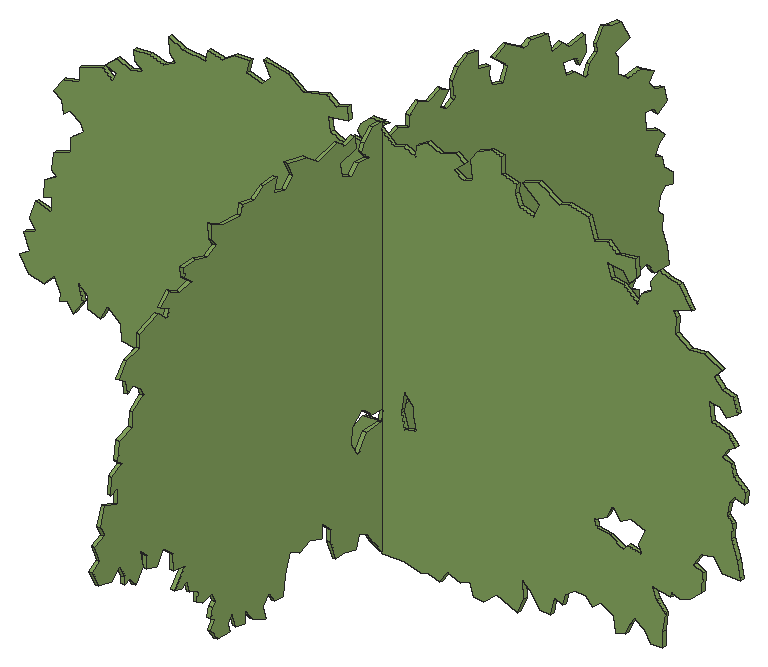
Revit family "L-PL낙엽관목_고광나무", category 수목, Revit 2019
Family settings
  OmniClass 번호 = 23.40.05.00
  OmniClass 제목 = Plants and Planting Products
  작업 기준면 기반 = 아니오
  항상 수직 = 예
  로드될 때 보이드를 사용하여 절단 = 아니오
  렌더 모양 소스 = 패밀리 형상
  공유 = 아니오
Parameters (values of type "고광나무")
  한국산업규격KS = ""
  조달청표준공사코드-세부공종 = "10161599202809"
  높이 = 1000 mm
  건설정보분류체계-부위분류 = "E985"
  LIM_INFO_주의사항 = "재배포, 재가공, 판매 금지"
  LIM_INFO_제작일 = "20211210"
  LIM_INFO_버전 = "2022_V01"
  LIM_INFO_PL_학명 = "Quercus myrsinaefolia Bl."
  LIM_INFO_PL_품명 = "가시나무"
  LIM_INFO_PL_주당인정수량 = 0
  LIM_INFO_PL_수목단위 = "주"
  LIM_INFO_PL_규격 = "5.0H X 18R"
  LIM_INFO_PL_구분 = "상록교목"
  LIM_INFO_PL_가격 = 0
  LIM_INFO_PL_Qty [instance] = 0
  LIM_INFO_PL_M2당수량 = 0
  KBIMS_식별-버전 = ""
  KBIMS_식별-bSK등록번호 = ""
  KBIMS_보급정보-저작자 = "림인포테크_MMJ"
  KBIMS_보급정보-보급코드 = ""
Reference planes
  plane 1 "중심(앞/뒤)": y = 0
  plane 2: z = 0
  plane 3 "중심(왼쪽/오른쪽)": x = 0
  plane 4: x = 482.5
  plane 5: x = -607.5
  plane 6: z = -545
  plane 7: z = -817.5
  plane 8: z = 5000
  plane 9: x = -100
  plane 10: x = 100
Dimensions and locks
  plane 4 to plane 5 = 1090 mm
  plane 6 to level = 545 mm
  plane 7 to plane 6 = 272.5 mm
  locked: level to plane 8 at 5000
  plane 9 to plane 10 = 200 mm
  aligned and locked: level to plane 2
Nested families
  nested 1: "고광나무_base" at (0, 0, 0), type "고광나무_base"
Definition of nested family "고광나무_base"
  Parameters (values of type "고광나무_base")
    Height = 6000 mm
  Reference planes
    plane 1 "중심(앞/뒤)": y = 0
    plane 2: z = 0
    plane 3 "중심(왼쪽/오른쪽)": x = 0
  Forms (mm)
    Extrusion 1, solid, detail levels fine
      sketch origin (0, 0, 0) x (1, 0, 0) y (0, 0, 1)
        loop
          line (-163.329, 561.872) -> (-154.029, 542.934) -> (-167.118, 530.882) -> (-187.783, 536.736) -> (-182.961, 553.608) -> (-204.661, 552.231) -> (-220.849, 541.901) -> (-241.859, 545.344) -> (-244.615, 532.604) -> (-276.302, 534.67) -> (-295.591, 543.967) -> (-294.557, 524.339) -> (-286.499, 514.827) -> (-302.395, 506.882) -> (-322.437, 512.409) -> (-344.552, 511.027) -> (-342.479, 497.209) -> (-330.384, 488.227) -> (-350.426, 483.39) -> (-367.358, 492.027) -> (-383.599, 478.554) -> (-368.741, 472.336) -> (-373.924, 461.626) -> (-387.813, 473.059) -> (-420.106, 461.95) -> (-419.759, 444.245) -> (-442.33, 438.691) -> (-455.178, 420.639) -> (-444.066, 414.043) -> (-441.635, 397.38) -> (-433.301, 403.282) -> (-418.023, 393.909) -> (-413.856, 383.841) -> (-431.953, 370.211) -> (-432.648, 351.812) -> (-455.219, 343.828) -> (-458.691, 320.916) -> (-452.093, 314.667) -> (-468.414, 304.947) -> (-470.15, 283.424) -> (-458.344, 288.284) -> (-458.679, 267.472) -> (-480.278, 274.437) -> (-488.639, 250.754) -> (-480.975, 237.52) -> (-497.696, 230.902) -> (-488.987, 209.309) -> (-502.225, 200.951) -> (-490.729, 180.054) -> (-468.782, 175.874) -> (-454.847, 189.109) -> (-446.486, 171.695) -> (-446.834, 162.64) -> (-437.08, 165.426) -> (-427.325, 153.236) -> (-415.829, 170.65) -> (-421.055, 192.592) -> (-408.513, 181.447) -> (-408.862, 165.774) -> (-390.398, 159.505) -> (-380.992, 177.616) -> (-362.128, 162.904) -> (-361.427, 142.221) -> (-342.843, 140.118) -> (-360.375, 116.982) -> (-347.401, 113.126) -> (-338.284, 119.436) -> (-333.025, 102.96) -> (-320.402, 99.454) -> (-320.752, 85.432) -> (-311.636, 80.875) -> (-295.155, 84.731) -> (-288.844, 71.761) -> (-293.633, 66.342) -> (-297.717, 54.58) -> (-289.807, 49.472) -> (-296.609, 38.94) -> (-285.495, 23.837) -> (-264.549, 23.111) -> (-267.647, 34.257) -> (-260.197, 45.424) -> (-253.025, 24.86) -> (-238.309, 21.674) -> (-237.617, 37.512) -> (-223.331, 21.472) -> (-202.252, 12.415) -> (-205.99, 28.476) -> (-195.969, 42.177) -> (-185.625, 27.225) -> (-172.43, 26.891) -> (-168.924, 51.429) -> (-159.807, 77.37) -> (-142.275, 68.606) -> (-124.392, 74.916) -> (-104.406, 69.307) -> (-104.44, 87.146) -> (-88.867, 73.587) -> (-88.867, 57.516) -> (-79.322, 32.907) -> (-63.749, 33.912) -> (-45.665, 29.392) -> (-40.139, 45.463) -> (-25.571, 40.943) -> (-15.524, 25.876) -> (1.894, 5.186) -> (31.621, 5.186) -> (53.867, -0.718) -> (65.876, 3.021) -> (81.035, -2.293) -> (92.06, 13.452) -> (108.99, 6.17) -> (121.787, 12.075) -> (127.496, -3.867) -> (141.823, -6.011) -> (159.935, 9.931) -> (189.269, -2.665) -> (197.734, 17.41) -> (195.765, 39.847) -> (206.199, 32.565) -> (218.996, 12.096) -> (235.336, 11.309) -> (239.667, 33.353) -> (251.676, 29.023) -> (255.416, 43.39) -> (267.819, 52.247) -> (282.833, 51.887) -> (293.071, 41.456) -> (304.095, 50.313) -> (322.798, 40.472) -> (324.569, 20.594) -> (338.744, 24.136) -> (344.453, 37.52) -> (351.934, 46.77) -> (365.518, 38.307) -> (374.18, 23.743) -> (390.323, 25.12) -> (390.914, 44.999) -> (393.867, 68.617) -> (381.858, 81.803) -> (376.899, 95.338) -> (401.228, 91.317) -> (402.837, 97.951) -> (413.293, 94.132) -> (428.976, 98.554) -> (444.262, 111.66) -> (445.48, 136.83) -> (433.298, 143.528) -> (444.465, 159.564) -> (460.505, 163.015) -> (474.312, 145.761) -> (498.474, 145.761) -> (494.819, 169.917) -> (485.682, 194.275) -> (487.307, 212.544) -> (479.997, 220.46) -> (483.246, 237.105) -> (490.693, 246.467) -> (504.73, 242.876) -> (505.056, 258.216) -> (489.06, 271.923) -> (485.469, 285.63) -> (473.717, 292.158) -> (481.552, 303.254) -> (491.672, 309.455) -> (480.246, 321.857) -> (458.7, 329.689) -> (456.089, 353.188) -> (470.126, 351.882) -> (479.267, 341.765) -> (493.957, 350.903) -> (488.734, 370.485) -> (474.044, 375.38) -> (462.742, 387.832) -> (472.028, 397.735) -> (448.915, 411.351) -> (428.485, 409.288) -> (408.868, 421.771) -> (410.114, 442.744) -> (404.921, 450.635) -> (430.469, 457.695) -> (414.476, 484.691) -> (397.443, 487.183) -> (385.812, 492.166) -> (373.972, 474.723) -> (375.634, 464.133) -> (361.302, 454.996) -> (355.07, 440.875) -> (335.545, 456.865) -> (319.136, 458.941) -> (314.125, 477.26) -> (336.22, 474.315) -> (344.216, 461.693) -> (354.527, 472.211) -> (353.265, 495.563) -> (326.961, 492.197) -> (313.494, 503.136) -> (295.397, 498.087) -> (287.903, 525.249) -> (259.867, 530.315) -> (247.369, 525.925) -> (217.644, 543.147) -> (195.688, 534.705) -> (219.333, 515.794) -> (211.226, 498.234) -> (191.635, 503.637) -> (186.23, 518.158) -> (187.244, 529.977) -> (166.639, 535.38) -> (166.639, 557.33) -> (151.777, 560.032) -> (133.199, 551.589) -> (123.741, 538.082) -> (125.988, 514.639) -> (113.351, 508.655) -> (100.049, 516.9) -> (115.857, 530.567) -> (102.853, 538.094) -> (82.321, 530.567) -> (64.527, 539.12) -> (48.101, 528.857) -> (47.759, 515.172) -> (30.306, 521.672) -> (15.934, 517.567) -> (-2.203, 533.304) -> (7.037, 541.515) -> (-14.864, 542.199) -> (-29.579, 528.857) -> (-34.027, 518.593) -> (-22.735, 506.962) -> (-40.871, 509.014) -> (-52.164, 497.041) -> (-70.301, 504.909) -> (-73.038, 522.015) -> (-45.32, 527.83) -> (-47.031, 544.594) -> (-62.43, 539.12) -> (-76.118, 548.699) -> (-110.286, 540.179) -> (-130.952, 555.33) -> (-163.329, 561.872)
        loop
          line (0.342, 168.351) -> (2.634, 184.963) -> (-16.848, 184.963) -> (-35.184, 199.285) -> (-51.801, 183.818) -> (-54.093, 163.768) -> (-42.06, 145.436) -> (-26.016, 166.632) -> (0.342, 168.351)
        loop
          line (336.168, 127.174) -> (341.889, 134.68) -> (361.911, 130.748) -> (357.621, 141.829) -> (367.274, 162.561) -> (345.464, 169.353) -> (331.877, 161.489) -> (320.436, 176.859) -> (313.285, 161.132) -> (296.123, 152.195) -> (297.91, 141.472) -> (316.86, 138.97) -> (336.168, 127.174)
        loop
          line (32.505, 215.613) -> (27.107, 189.348) -> (31.426, 169.92) -> (49.029, 173.833) -> (44.965, 192.117) -> (44.965, 203.02) -> (32.505, 215.613)
      from 0 to 5
    Extrusion 2, solid, detail levels fine
      sketch origin (-5, -5, 0) x (0, 1, 0) y (0, 0, 1)
        loop
          line (-163.329, 561.872) -> (-154.029, 542.934) -> (-167.118, 530.882) -> (-187.783, 536.736) -> (-182.961, 553.608) -> (-204.661, 552.231) -> (-220.849, 541.901) -> (-241.859, 545.344) -> (-244.615, 532.604) -> (-276.302, 534.67) -> (-295.591, 543.967) -> (-294.557, 524.339) -> (-286.499, 514.827) -> (-302.395, 506.882) -> (-322.437, 512.409) -> (-344.552, 511.027) -> (-342.479, 497.209) -> (-330.384, 488.227) -> (-350.426, 483.39) -> (-367.358, 492.027) -> (-383.599, 478.554) -> (-368.741, 472.336) -> (-373.924, 461.626) -> (-387.813, 473.059) -> (-420.106, 461.95) -> (-419.759, 444.245) -> (-442.33, 438.691) -> (-455.178, 420.639) -> (-444.066, 414.043) -> (-441.635, 397.38) -> (-433.301, 403.282) -> (-418.023, 393.909) -> (-413.856, 383.841) -> (-431.953, 370.211) -> (-432.648, 351.812) -> (-455.219, 343.828) -> (-458.691, 320.916) -> (-452.093, 314.667) -> (-468.414, 304.947) -> (-470.15, 283.424) -> (-458.344, 288.284) -> (-458.679, 267.472) -> (-480.278, 274.437) -> (-488.639, 250.754) -> (-480.975, 237.52) -> (-497.696, 230.902) -> (-488.987, 209.309) -> (-502.225, 200.951) -> (-490.729, 180.054) -> (-468.782, 175.874) -> (-454.847, 189.109) -> (-446.486, 171.695) -> (-446.834, 162.64) -> (-437.08, 165.426) -> (-427.325, 153.236) -> (-415.829, 170.65) -> (-421.055, 192.592) -> (-408.513, 181.447) -> (-408.862, 165.774) -> (-390.398, 159.505) -> (-380.992, 177.616) -> (-362.128, 162.904) -> (-361.427, 142.221) -> (-342.843, 140.118) -> (-360.375, 116.982) -> (-347.401, 113.126) -> (-338.284, 119.436) -> (-333.025, 102.96) -> (-320.402, 99.454) -> (-320.752, 85.432) -> (-311.636, 80.875) -> (-295.155, 84.731) -> (-288.844, 71.761) -> (-293.633, 66.342) -> (-297.717, 54.58) -> (-289.807, 49.472) -> (-296.609, 38.94) -> (-285.495, 23.837) -> (-264.549, 23.111) -> (-267.647, 34.257) -> (-260.197, 45.424) -> (-253.025, 24.86) -> (-238.309, 21.674) -> (-237.617, 37.512) -> (-223.331, 21.472) -> (-202.252, 12.415) -> (-205.99, 28.476) -> (-195.969, 42.177) -> (-185.625, 27.225) -> (-172.43, 26.891) -> (-168.924, 51.429) -> (-159.807, 77.37) -> (-142.275, 68.606) -> (-124.392, 74.916) -> (-104.406, 69.307) -> (-104.44, 87.146) -> (-88.867, 73.587) -> (-88.867, 57.516) -> (-79.322, 32.907) -> (-63.749, 33.912) -> (-45.665, 29.392) -> (-40.139, 45.463) -> (-25.571, 40.943) -> (-15.524, 25.876) -> (1.894, 5.186) -> (31.621, 5.186) -> (53.867, -0.718) -> (65.876, 3.021) -> (81.035, -2.293) -> (92.06, 13.452) -> (108.99, 6.17) -> (121.787, 12.075) -> (127.496, -3.867) -> (141.823, -6.011) -> (159.935, 9.931) -> (189.269, -2.665) -> (197.734, 17.41) -> (195.765, 39.847) -> (206.199, 32.565) -> (218.996, 12.096) -> (235.336, 11.309) -> (239.667, 33.353) -> (251.676, 29.023) -> (255.416, 43.39) -> (267.819, 52.247) -> (282.833, 51.887) -> (293.071, 41.456) -> (304.095, 50.313) -> (322.798, 40.472) -> (324.569, 20.594) -> (338.744, 24.136) -> (344.453, 37.52) -> (351.934, 46.77) -> (365.518, 38.307) -> (374.18, 23.743) -> (390.323, 25.12) -> (390.914, 44.999) -> (393.867, 68.617) -> (381.858, 81.803) -> (376.899, 95.338) -> (401.228, 91.317) -> (402.837, 97.951) -> (413.293, 94.132) -> (428.976, 98.554) -> (444.262, 111.66) -> (445.48, 136.83) -> (433.298, 143.528) -> (444.465, 159.564) -> (460.505, 163.015) -> (474.312, 145.761) -> (498.474, 145.761) -> (494.819, 169.917) -> (485.682, 194.275) -> (487.307, 212.544) -> (479.997, 220.46) -> (483.246, 237.105) -> (490.693, 246.467) -> (504.73, 242.876) -> (505.056, 258.216) -> (489.06, 271.923) -> (485.469, 285.63) -> (473.717, 292.158) -> (481.552, 303.254) -> (491.672, 309.455) -> (480.246, 321.857) -> (458.7, 329.689) -> (456.089, 353.188) -> (470.126, 351.882) -> (479.267, 341.765) -> (493.957, 350.903) -> (488.734, 370.485) -> (474.044, 375.38) -> (462.742, 387.832) -> (472.028, 397.735) -> (448.915, 411.351) -> (428.485, 409.288) -> (408.868, 421.771) -> (410.114, 442.744) -> (404.921, 450.635) -> (430.469, 457.695) -> (414.476, 484.691) -> (397.443, 487.183) -> (385.812, 492.166) -> (373.972, 474.723) -> (375.634, 464.133) -> (361.302, 454.996) -> (355.07, 440.875) -> (335.545, 456.865) -> (319.136, 458.941) -> (314.125, 477.26) -> (336.22, 474.315) -> (344.216, 461.693) -> (354.527, 472.211) -> (353.265, 495.563) -> (326.961, 492.197) -> (313.494, 503.136) -> (295.397, 498.087) -> (287.903, 525.249) -> (259.867, 530.315) -> (247.369, 525.925) -> (217.644, 543.147) -> (195.688, 534.705) -> (219.333, 515.794) -> (211.226, 498.234) -> (191.635, 503.637) -> (186.23, 518.158) -> (187.244, 529.977) -> (166.639, 535.38) -> (166.639, 557.33) -> (151.777, 560.032) -> (133.199, 551.589) -> (123.741, 538.082) -> (125.988, 514.639) -> (113.351, 508.655) -> (100.049, 516.9) -> (115.857, 530.567) -> (102.853, 538.094) -> (82.321, 530.567) -> (64.527, 539.12) -> (48.101, 528.857) -> (47.759, 515.172) -> (30.306, 521.672) -> (15.934, 517.567) -> (-2.203, 533.304) -> (7.037, 541.515) -> (-14.864, 542.199) -> (-29.579, 528.857) -> (-34.027, 518.593) -> (-22.735, 506.962) -> (-40.871, 509.014) -> (-52.164, 497.041) -> (-70.301, 504.909) -> (-73.038, 522.015) -> (-45.32, 527.83) -> (-47.031, 544.594) -> (-62.43, 539.12) -> (-76.118, 548.699) -> (-110.286, 540.179) -> (-130.952, 555.33) -> (-163.329, 561.872)
        loop
          line (0.342, 168.351) -> (2.634, 184.963) -> (-16.848, 184.963) -> (-35.184, 199.285) -> (-51.801, 183.818) -> (-54.093, 163.768) -> (-42.06, 145.436) -> (-26.016, 166.632) -> (0.342, 168.351)
        loop
          line (336.168, 127.174) -> (341.889, 134.68) -> (361.911, 130.748) -> (357.621, 141.829) -> (367.274, 162.561) -> (345.464, 169.353) -> (331.877, 161.489) -> (320.436, 176.859) -> (313.285, 161.132) -> (296.123, 152.195) -> (297.91, 141.472) -> (316.86, 138.97) -> (336.168, 127.174)
        loop
          line (32.505, 215.613) -> (27.107, 189.348) -> (31.426, 169.92) -> (49.029, 173.833) -> (44.965, 192.117) -> (44.965, 203.02) -> (32.505, 215.613)
      from 0 to 5
    Revolve 3, solid, detail levels coarse
      sketch origin (0, 0, 0) x (1, 0, 0) y (0, 0, 1)
        loop
          line (0, 0) -> (0, 550) -> (-140, 550)
          arc (-140, 550) -> (-320, 498.386) -> (-445.297, 359.229) r 339.674
          arc (-445.297, 359.229) -> (-452.659, 147.253) -> (-300, 0) r 260.627
          line (-300, 0) -> (0, 0)
        axis (0, 550) -> (0, 0)
      angle from 0 to 360
  Lines and regions (mm)
    symbolic lines
      curve 1: circle (0, 0, 0) r 29.544 normal (0, 0, 1)
      curve 2: circle (-7.5, 0, 0) r 450 normal (0, 0, 1)
      curve 3: circle (7.5, 0, 0) r 450 normal (0, 0, 1)
  Dimensions and locks
    aligned and locked: level to plane 2
